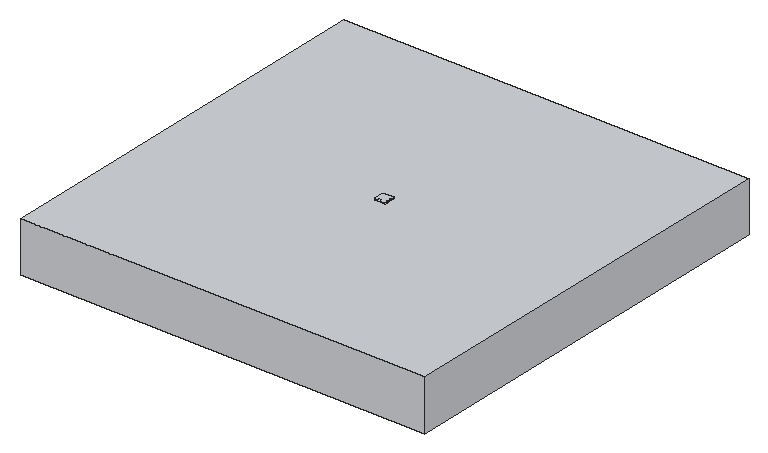
Revit family "Gira_015800", category Allgemeines Modell, Revit 2017
Family settings
  Basisbauteil = Fläche
  Kann Basisbauteil für Bewehrung sein = Nein
  Bemaßung runder Anschluss = Durchmesser verwenden
  Teiletyp = Normal
  Beim Laden mit Abzugskörper schneiden = Nein
  Gemeinsam genutzt = Nein
  Raumberechnungspunkt = Nein
Parameters
  With mounting plate = no
  With memory function = no
  With lighting = no
  With label area = no
  With glass breaking detector connection = no
  With brightness sensor connection = no
  With N-busbar = no
  With LED indication = no
  With Astro program = no
  Wiring system = "Intermediate switch"
  Washing machine switch = no
  Default Elevation = 1219.2 mm
  URL = "https://www.gira.de/"
  Typname = "Blind rocker btn Insert"
  Type of load = "Universal"
  Type of lighting = "Not included"
  Type of fastening = "Mounting with claw and screw"
  Transparent = no
  Through loss at 860 MHz [B] = 0.1
  Through loss at 2150 MHz [B] = 0.1
  Temperature [Kelvin] = "[5:45]"
  Switch-off protection = no
  Surface protection = "Other"
  Surface finishing = "Not applicable"
  Suitable for wire wound low voltage transformer = yes
  Suitable for wind sensor = no
  Suitable for staircase time switch = no
  Suitable for rain sensor = no
  Suitable for fluorescent tube/energy-saving lamp = yes
  Suitable for electronic low voltage transformer = yes
  Suitable for degree of protection (IP) = "IP20"
  Suitable for 230 V incandescent lamp/halogen lamp = yes
  Substation input = yes
  Shielded housing = no
  Shielded buses = yes
  Serial dimmer = no
  Separate strain relief = yes
  Rated current = 10 A
  Random generator = no
  Push button switch = no
  Productwebsite = "http://katalog.gira.de/en/datenblatt.html?artikelnr=015800"
  Output voltage [Volt] = 5
  Other bus systems = "None"
  Operating voltage [Volt] = "[110:240]"
  Only suitable as substation = no
  Number of rockers = 1
  Number of outputs = 2
  Number of modules (module system) = 1
  Number of buttons = 2
  Nominal voltage [Volt] 3 = "[230:230]"
  Nominal voltage [Volt] 2 = "[230:230]"
  Nominal voltage [Volt] = 250
  Mounting method shielding connection = "Screw"
  Mounting method = "Flush mounted (plaster)"
  Model = "1-pole push button"
  Min. depth of built-in installation box [m] = 0.024
  Method of operation = "Rocker"
  Mechanical controllable = yes
  Mechanical coding = no
  Max. switching power [Voltampere] = 1000
  Max. output current = 1.4 A
  Material quality = "Other"
  Material = "Other"
  Light value memory = no
  Label space/information surface 7 = "No"
  Label space/information surface 6 = "No"
  Label space/information surface 5 = "No"
  Label space/information surface 4 = "No"
  Label space/information surface = no
  Integrated timer = no
  Input for substation = no
  Imprint = "None"
  Illumination = "Yes"
  Hersteller = "Gira"
  Halogen free = no
  HAN = "015800"
  GTIN = "4010337158004"
  Function lighting = "Illuminated (on)"
  Frequency [Hz] = "[50:60]"
  Forced switch off = no
  Feedback-signal contact = no
  Electronic controllable = no
  Electrical and mechanical locking = yes
  Dimming phase cut-on = yes
  Dimming phase cut-off = yes
  Degree of protection (IP) = "IP20"
  Data sheet = "https://katalog.gira.de/en/download.html?artikelnr=015800"
  Contacts = "1 change-over contact"
  Connection type = "Plug clamp"
  Colour = "Other"
  Category = "Other"
  Bus system radio frequent = no
  Bus system Powernet = no
  Bus system LON = no
  Bus system KNX radio = no
  Bus system KNX = yes
  Bus connection included = yes
  Beschreibung = "Blind rock.btn Ins.,Blind rocker button insert 10 A 250 V~,,,Features:,- With block to prevent both sides from being switched on.,- Locked both electrically and mechanically.,,Notes :,- Suitable for use as an auxiliary input for the blind controller insert with auxiliary input."
  BIM = "https://media.stage.bim.site/public/gira/290f3eb/Einsatz_1fach.rfa"
  Assembly arrangement = "Basic element"
  Applicable with transmission button = no
  Applicable with time switch/timer = no
  Applicable with presence indicator = yes
  Applicable with movement sensor = yes
  Applicable with infrared button = no
  Applicable with button = yes
  App control via Bluetooth = no
Reference planes
  plane 1 "Center (Front/Back)": y = 0
  plane 2: z = 0
  plane 3 "Center (Left/Right)": x = 0
Forms (mm)
  Extrusion 1, solid
    sketch origin (0, 0, 0) x (1, 0, 0) y (0, 1, 0)
      loop
        line (-1219.2, 1219.2) -> (-1219.2, -1219.2) -> (1219.2, -1219.2) -> (1219.2, 1219.2) -> (-1219.2, 1219.2)
    from 0 to -304.8
  Extrusion 2, solid, detail levels fine
    sketch origin (0, 0, 0) x (1, 0, 0) y (0, 1, 0)
      loop
        line (27.475, 35.475) -> (-27.475, 35.475)
        arc (-27.475, 35.475) -> (-33.132, 33.132) -> (-35.475, 27.475) r 8
        line (-35.475, 27.475) -> (-35.475, -27.475)
        arc (-35.475, -27.475) -> (-33.132, -33.132) -> (-27.475, -35.475) r 8
        line (-27.475, -35.475) -> (27.475, -35.475)
        arc (27.475, -35.475) -> (33.132, -33.132) -> (35.475, -27.475) r 8
        line (35.475, -27.475) -> (35.475, 27.475)
        arc (35.475, 27.475) -> (33.132, 33.132) -> (27.475, 35.475) r 8
    from 0 to 1.8
  Extrusion 3, solid, detail levels fine
    sketch origin (0, 0, 0) x (1, 0, 0) y (0, 1, 0)
      loop
        line (9.678, 25.4) -> (-9.678, 25.4)
        arc (-9.678, 25.4) -> (-12.885, 24.922) -> (-15.814, 23.53) r 11
        arc (-15.814, 23.53) -> (-17.795, 22.07) -> (-19.641, 20.444) r 28.35
        arc (-19.641, 20.444) -> (-21.339, 18.665) -> (-22.876, 16.745) r 28.35
        arc (-22.876, 16.745) -> (-24.456, 13.666) -> (-25, 10.248) r 11
        line (-25, 10.248) -> (-25, -10.248)
        arc (-25, -10.248) -> (-24.456, -13.666) -> (-22.876, -16.745) r 11
        arc (-22.876, -16.745) -> (-20.409, -19.677) -> (-17.569, -22.25) r 28.35
        line (-17.569, -22.25) -> (17.569, -22.25)
        arc (17.569, -22.25) -> (20.409, -19.677) -> (22.876, -16.745) r 28.35
        arc (22.876, -16.745) -> (24.456, -13.666) -> (25, -10.248) r 11
        line (25, -10.248) -> (25, 10.248)
        arc (25, 10.248) -> (24.456, 13.666) -> (22.876, 16.745) r 11
        arc (22.876, 16.745) -> (21.593, 18.37) -> (20.195, 19.897) r 28.35
        arc (20.195, 19.897) -> (18.096, 21.823) -> (15.814, 23.53) r 28.35
        arc (15.814, 23.53) -> (12.885, 24.922) -> (9.678, 25.4) r 11
    from 0 to -22
  Extrusion 4, solid, detail levels medium
    sketch origin (0, 0, 0) x (1, 0, 0) y (0, 1, 0)
      loop
        line (-25, 25.4) -> (-25, -22.25) -> (25, -22.25) -> (25, 25.4) -> (-25, 25.4)
    from 0 to -22
  Extrusion 5, solid, detail levels coarse
    sketch origin (0, 0, 0) x (1, 0, 0) y (0, 1, 0)
      loop
        line (35.475, 35.475) -> (-35.475, 35.475) -> (-35.475, -35.475) -> (35.475, -35.475) -> (35.475, 35.475)
    from -22 to 1.8
  Extrusion 6, solid, detail levels medium
    sketch origin (0, 0, 0) x (1, 0, 0) y (0, 1, 0)
      loop
        line (35.475, 35.475) -> (-35.475, 35.475) -> (-35.475, -35.475) -> (35.475, -35.475) -> (35.475, 35.475)
    from 0 to 1.8
Dimensions and locks
  aligned and locked: plane 2 to Extrusion 1
  aligned and locked: level to Extrusion 1
Connectors
  electrical at (0, 0, -22)
    settings: on Extrusion 5, index 1, voltage 220 V, apparent load 0 VA, apparent load phase1 0 VA, apparent load phase2 0 VA, apparent load phase3 0 VA, power factor 1, load classification "Other", number of poles 1, system type 30, power factor state 1, is connector primary yes, connector utility no, sub classification motor no, connector description ""
